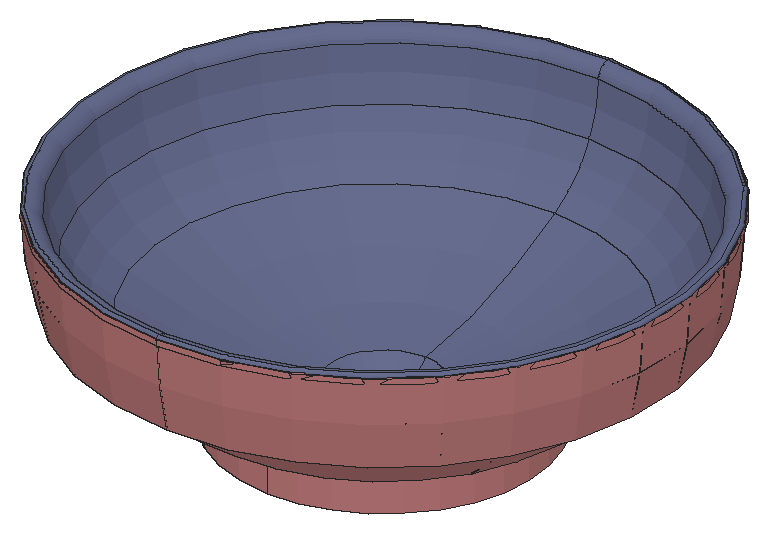
Revit family "WashBasin-40cm-BowlCounterTop-Vitra-WaterJewelsSeries-4334", category Plumbing Fixtures, host Face, Revit 2017
Family settings
  Host = Face
  Round Connector Dimension = Use Diameter
  Part Type = Normal
  OmniClass Number = 23.45.05.14.14
  OmniClass Title = Sinks/Lavatories
  Cut with Voids When Loaded = No
  Shared = Yes
  Room Calculation Point = No
Parameters (values of type "WashBasin(CounterTop)-Vitra_WaterJewelsSeries(Terrarosa-Blue) VC_4334B426-0016")
  Youtube = "https://www.youtube.com/user/VitrAglobal"
  Weight Net (kg) = "7"
  Waste Connection = yes
  Warranty Period (Year) = "10 Years"
  Vent Connection = no
  Uniformat II Description = "Plumbing Fixtures"
  Uniformat II Code = "D2010"
  Uniclass 2015 Name = "Wash basins Sinks and troughs"
  Uniclass 2015 Code = "Pr_40_20_96_81"
  Uniclass 2.0 Description = "Sanitary Dispensing And Disposal Units"
  Uniclass 2.0 Code = "SS-35-65-70-94"
  Uniclass 1.4 Description = "Washbasins"
  Uniclass 1.4 Code = "L7212"
  UNSPSC Description = ""
  UNSPSC Code = "301815"
  Third Material = Terrarosa
  Technical description = "https://www.vitraglobal.com/sanitaryware-complementary-products/washbasin/bowl/water-jewels-bowl-40cm-sku-https://cdn.vitra.com.tr/501-4334B426-0016KK.pdf/print"
  Tap hole Options (default) = ""
  Specification = ""
  Secondary Material = Blue
  Region South America = "All"
  Region Oceania = "All"
  Region North America = "All"
  Region Middle East = "All"
  Region Europe = "All"
  Region Asia = "All"
  Region Antarctica = "None"
  Region Africa = "All"
  Product url = ""
  Product manual = ""
  Product group = "Water Jewels"
  Product family = "Counter Top Washbasins"
  Product data url = "https://www.vitraglobal.com/sanitaryware-complementary-products/washbasin/bowl/water-jewels-bowl-40cm-sku-4334b003-1361"
  Product certification = "https://www.vitra.com.tr/kataloglar/"
  Product SKU = "4334B426-0016"
  Product Guid = "https://cdn.vitra.com.tr/4334B426-0016-KK.pdf"
  Primary Material = Terrarosa
  OmniClass Description = "Sinks/Lavatories"
  OmniClass Code = "23.45.05.14.14"
  Nominal Width (mm) = 400 mm
  Nominal Height (mm) = 140 mm
  Nominal Depth (mm) = 400 mm
  NBS Referans Description = "Wash Basin Systems"
  NBS Referans Code = "35-65-70-94"
  Mounting type = "Countertop"
  Model = "4334B426-0016"
  Masterformat 2014 Description = "Residential Lavatories and Sinks"
  Masterformat 2014 Code = "22 41 16"
  Manufacturer name = "VitrA"
  Manufacturer = "VitrA"
  Main Material = "Ceramic"
  Installation instructions = ""
  IFC Classification = "Sanitary Terminal"
  HW Connection = no
  EAN code = ""
  Design country = "Turkey"
  Description = "VitrA -WaterJewelsSeries- VitrA Clean- Bowl-40cm"
  Default Elevation = 850 mm
  Color = "Terrarosa Blue"
  CW Connection = no
  COBIe Type Category = ""
  Brand = "VitrA"
  BIMobject category = "Sanitary - Basins"
  Article No. (default) = "4334B426-0016"
  Accessories (default) = ""
Types (20, lengths in mm): name | Weight Net (kg) | Waste Connection | Third Material | Technical description | Secondary Material | Product url | Product data url | Product certification | Product SKU | Product Guid | Primary Material | Model | Manufacturer name | Description | Color | Article No. (default)
  WashBasin(CounterTop)-Vitra_WaterJewelsSeries(Black-White)_4334B097-1747 | "6.8" | yes | Black | "https://www.vitraglobal.com/pdf/4334B097-1747/" | White | "" | "https://www.vitraglobal.com/bathroom-sanitaryware/washbasins/bowls/water-jewels-bowl-sku-4334B097-1747/" | "https://www.vitra.com.tr/kataloglar/" | "4334B097-1747" | "https://cdn.vitra.com.tr/501-4334B003-1361-KK.pdf" | Black | "4334B097-1747" | "Vitra" | "VitrA WaterJewelsSeries Bowl 40cm" | "Black & White" | "4334B097-1747"
  WashBasin(CounterTop)-Vitra_WaterJewelsSeries(CopperPatterned)_4334B073-2100 | "6.8" | yes | Copper | "https://www.vitraglobal.com/sanitaryware-complementary-products/washbasin/bowl/water-jewels-bowl-40cm-sku-4334b073-2100/print" | Copper | "" | "https://www.vitraglobal.com/sanitaryware-complementary-products/washbasin/bowl/water-jewels-bowl-40cm-sku-4334b073-2100" | "https://www.vitra.com.tr/kataloglar/" | "4334B073-2100" | "https://cdn.vitra.com.tr/501-4334B003-1361-KK.pdf" | Copper | "4334B073-2100" | "Vitra" | "VitrA WaterJewelsSeries Bowl 40cm" | "Copper Patterned" | "4334B073-2100"
  WashBasin(CounterTop)-Vitra_WaterJewelsSeries(Copper)_4334B073-0016 | "6.8" | yes | Copper | "https://www.vitraglobal.com/sanitaryware-complementary-products/washbasin/bowl/water-jewels-bowl-40cm-sku-4334b073-0016/print" | Copper | "" | "https://www.vitraglobal.com/sanitaryware-complementary-products/washbasin/bowl/water-jewels-bowl-40cm-sku-4334b073-0016" | "https://www.vitra.com.tr/kataloglar/" | "4334B073-0016" | "https://cdn.vitra.com.tr/501-4334B003-1361-KK.pdf" | Copper | "4334B073-0016" | "Vitra" | "VitrA WaterJewelsSeries Bowl 40cm" | "Copper" | "4334B073-0016"
  WashBasin(CounterTop)-Vitra_WaterJewelsSeries(Gold-Patterned)_4334B072-2100 | "6.8" | no | Gold | "https://www.vitraglobal.com/sanitaryware-complementary-products/washbasin/bowl/water-jewels-bowl-40cm-sku-4334b072-2100/print" | Gold | "" | "https://www.vitraglobal.com/sanitaryware-complementary-products/washbasin/bowl/water-jewels-bowl-40cm-sku-4334b072-2100" | "https://www.vitra.com.tr/kataloglar/" | "4334B072-2100" | "https://cdn.vitra.com.tr/501-4334B003-1361-KK.pdf" | Gold | "4334B072-2100" | "Vitra" | "VitrA WaterJewelsSeries Bowl 40cm" | "Gold Patterned" | "4334B072-2100"
  WashBasin(CounterTop)-Vitra_WaterJewelsSeries(Gold)_4334B072-0016 | "6.8" | yes | Gold | "https://www.vitraglobal.com/sanitaryware-complementary-products/washbasin/bowl/water-jewels-bowl-40cm-sku-4334b072-0016/print" | Gold | "" | "https://www.vitraglobal.com/sanitaryware-complementary-products/washbasin/bowl/water-jewels-bowl-40cm-sku-4334b072-0016" | "https://www.vitra.com.tr/kataloglar/" | "4334B072-0016" | "https://cdn.vitra.com.tr/501-4334B003-1361-KK.pdf" | Gold | "4334B072-0016" | "Vitra" | "VitrA WaterJewelsSeries Bowl 40cm" | "Gold" | "4334B072-0016"
  WashBasin(CounterTop)-Vitra_WaterJewelsSeries(Platinum-Patterned)_4334B071-2100 | "6.8" | yes | Platinum | "https://www.vitraglobal.com/sanitaryware-complementary-products/washbasin/bowl/water-jewels-bowl-40cm-sku-4334b071-2100/print" | Platinum | "" | "https://www.vitraglobal.com/sanitaryware-complementary-products/washbasin/bowl/water-jewels-bowl-40cm-sku-4334b071-2100" | "https://www.vitra.com.tr/kataloglar/" | "4334B071-2100" | "https://cdn.vitra.com.tr/501-4334B003-1361-KK.pdf" | Platinum | "4334B071-2100" | "Vitra" | "VitrA WaterJewelsSeries Bowl 40cm" | "Platinum Patterned" | "4334B071-2100"
  WashBasin(CounterTop)-Vitra_WaterJewelsSeries(Platinum)_4334B071-0016 | "6.8" | yes | White | "https://www.vitraglobal.com/sanitaryware-complementary-products/washbasin/bowl/water-jewels-bowl-40cm-sku-4334b071-0016/print" | Platinum | "" | "https://www.vitraglobal.com/sanitaryware-complementary-products/washbasin/bowl/water-jewels-bowl-40cm-sku-4334b071-0016" | "https://www.vitraglobal.com/brochures/" | "4334B071-0016" | "https://cdn.vitra.com.tr/501-4334B003-1361-KK.pdf" | Platinum | "4334B071-0016" | "Vitra" | "VitrA WaterJewelsSeries Bowl 40cm" | "Platinum" | "4334B071-0016"
  WashBasin(CounterTop)-Vitra_WaterJewelsSeries(Black)_4334B070-0016 | "6.8" | yes | Black | "https://www.vitraglobal.com/sanitaryware-complementary-products/washbasin/bowl/water-jewels-bowl-40cm-sku-4334b070-0016/print" | Black | "" | "https://www.vitraglobal.com/sanitaryware-complementary-products/washbasin/bowl/water-jewels-bowl-40cm-sku-4334b070-0016" | "https://www.vitra.com.tr/kataloglar/" | "4334B070-0016" | "https://cdn.vitra.com.tr/501-4334B003-1361-KK.pdf" | Black | "4334B070-0016" | "Vitra" | "VitrA WaterJewelsSeries Bowl 40cm" | "Black" | "4334B070-0016"
  WashBasin(CounterTop)-Vitra_WaterJewelsSeries(Terracota-Turquise)_4334B049-0016 | "6.8" | yes | Terrarosa | "https://www.vitraglobal.com/sanitaryware-complementary-products/washbasin/bowl/water-jewels-bowl-40cm-sku-4334b049-0016/print" | Turquies | "" | "https://www.vitraglobal.com/sanitaryware-complementary-products/washbasin/bowl/water-jewels-bowl-40cm-sku-4334b049-0016" | "https://www.vitra.com.tr/kataloglar/" | "4334B049-0016" | "https://cdn.vitra.com.tr/501-4334B003-1361-KK.pdf" | Terrarosa | "4334B049-0016" | "Vitra" | "VitrA WaterJewelsSeries Bowl 40cm" | "Terracota-Turquies" | "4334B049-0016"
  WashBasin(CounterTop)-Vitra_WaterJewelsSeries(Terracota-Blue)_4334B043-0016 | "6.8" | yes | Terrarosa | "https://www.vitraglobal.com/sanitaryware-complementary-products/washbasin/bowl/water-jewels-bowl-40cm-sku-4334b043-0016/print" | Blue | "" | "https://www.vitraglobal.com/sanitaryware-complementary-products/washbasin/bowl/water-jewels-bowl-40cm-sku-4334b043-0016" | "https://www.vitra.com.tr/kataloglar/" | "4334B043-0016" | "https://cdn.vitra.com.tr/501-4334B003-1361-KK.pdf" | Terrarosa | "4334B043-0016" | "Vitra" | "VitrA WaterJewelsSeries Bowl 40cm" | "Terracota-Blue" | "4334B043-0016"
  WashBasin(CounterTop)-Vitra_WaterJewelsSeries(White)_4334B003-1361 | "6.8" | yes | White | "https://www.vitraglobal.com/sanitaryware-complementary-products/washbasin/bowl/water-jewels-bowl-40cm-sku-4334b003-1361/print" | White | "" | "https://www.vitraglobal.com/sanitaryware-complementary-products/washbasin/bowl/water-jewels-bowl-40cm-sku-4334b003-1361" | "https://www.vitra.com.tr/kataloglar/" | "4334B003-1361" | "https://cdn.vitra.com.tr/501-4334B003-1361-KK.pdf" | White | "4334B003-1361" | "Vitra" | "VitrA WaterJewelsSeries Bowl 40cm" | "White" | "4334B003-1361"
  WashBasin(CounterTop)-Vitra_WaterJewelsSeries(White)_4334B003H1361 | "6.8" | yes | White | "https://www.vitra-india.com/pdf/4334B003H1361/" | White | "https://www.vitra-india.com/bathroom-sanitaryware/washbasins/bowls/water-jewels-bowl-sku-4334B003H1361/" | "" | "https://www.vitra.com.tr/kataloglar/" | "4334B003H1361" | "https://cdn.vitra.com.tr/501-4334B003-1361-KK.pdf" | White | "4334B003H1361" | "Vitra" | "VitrA WaterJewelsSeries Bowl 40cm" | "White" | "4334B003H1361"
  WashBasin(CounterTop)-Vitra_WaterJewelsSeries(Black)_4334B070H0016 | "6.8" | yes | Black | "https://www.vitra-india.com/pdf/4334B070H0016/" | Black | "https://www.vitra-india.com/bathroom-sanitaryware/washbasins/bowls/water-jewels-bowl-sku-4334B070H0016/" | "" | "https://www.vitra.com.tr/kataloglar/" | "4334B070H0016" | "https://cdn.vitra.com.tr/501-4334B003-1361-KK.pdf" | Black | "4334B070H0016" | "Vitra" | "VitrA WaterJewelsSeries Bowl 40cm" | "Black" | "4334B070H0016"
  WashBasin(CounterTop)-Vitra_WaterJewelsSeries(Platinum)_4334B071H0016 | "6.8" | yes | White | "https://www.vitra-india.com/pdf/4334B071H0016/" | Platinum | "https://www.vitra-india.com/bathroom-sanitaryware/washbasins/bowls/water-jewels-bowl-sku-4334B071H0016/" | "" | "https://www.vitraglobal.com/brochures/" | "4334B071H0016" | "https://cdn.vitra.com.tr/501-4334B003-1361-KK.pdf" | Platinum | "4334B071H0016" | "Vitra" | "VitrA WaterJewelsSeries Bowl 40cm" | "Platinum" | "4334B071H0016"
  WashBasin(CounterTop)-Vitra_WaterJewelsSeries(Gold)_4334B072H0016 | "6.8" | yes | Gold | "https://www.vitra-india.com/pdf/4334B072H0016/" | Gold | "https://www.vitra-india.com/bathroom-sanitaryware/washbasins/bowls/water-jewels-bowl-sku-4334B072H0016/" | "" | "https://www.vitra.com.tr/kataloglar/" | "4334B072H0016" | "https://cdn.vitra.com.tr/501-4334B003-1361-KK.pdf" | Gold | "4334B072H0016" | "Vitra" | "VitrA WaterJewelsSeries Bowl 40cm" | "Gold" | "4334B072H0016"
  WashBasin(CounterTop)-Vitra_WaterJewelsSeries(Copper)_4334B073H0016 | "6.8" | yes | Copper | "https://www.vitra-india.com/pdf/4334B073H0016/" | Copper | "https://www.vitra-india.com/bathroom-sanitaryware/washbasins/bowls/water-jewels-bowl-sku-4334B073H0016/" | "" | "https://www.vitra.com.tr/kataloglar/" | "4334B073H0016" | "https://cdn.vitra.com.tr/501-4334B003-1361-KK.pdf" | Copper | "4334B073H0016" | "Vitra" | "VitrA WaterJewelsSeries Bowl 40cm" | "Copper" | "4334B073H0016"
  WashBasin(CounterTop)-Vitra_WaterJewelsSeries(White)_4334B071H2300 | "6.8" | yes | White | "https://www.vitra-india.com/pdf/4334B071H2300/" | White | "https://www.vitra-india.com/bathroom-sanitaryware/washbasins/bowls/water-jewels-bowl-sku-4334B071H2300/" | "" | "https://www.vitra.com.tr/kataloglar/" | "4334B071H2300" | "https://cdn.vitra.com.tr/501-4334B003-1361-KK.pdf" | Platinum | "4334B071H2300" | "Vitra" | "VitrA WaterJewelsSeries Bowl 40cm" | "White" | "4334B071H2300"
  WashBasin(CounterTop)-Vitra_WaterJewelsSeries(White)_4334B072H2300 | "6.8" | yes | White | "https://www.vitra-india.com/pdf/4334B072H2300/" | White | "https://www.vitra-india.com/bathroom-sanitaryware/washbasins/bowls/water-jewels-bowl-sku-4334B072H2300/" | "" | "https://www.vitra.com.tr/kataloglar/" | "4334B072H2300" | "https://cdn.vitra.com.tr/501-4334B003-1361-KK.pdf" | Gold | "4334B072H2300" | "Vitra" | "VitrA WaterJewelsSeries Bowl 40cm" | "White" | "4334B072H2300"
  WashBasin(CounterTop)-Vitra_WaterJewelsSeries(White)_4334B073H2300 | "6.8" | yes | White | "https://www.vitra-india.com/pdf/4334B073H2300/" | White | "https://www.vitra-india.com/bathroom-sanitaryware/washbasins/bowls/water-jewels-bowl-sku-4334B073H2300/" | "" | "https://www.vitra.com.tr/kataloglar/" | "4334B073H2300" | "https://cdn.vitra.com.tr/501-4334B003-1361-KK.pdf" | Copper | "4334B073H2300" | "Vitra" | "VitrA WaterJewelsSeries Bowl 40cm" | "White" | "4334B073H2300"
  WashBasin(CounterTop)-Vitra_WaterJewelsSeries(Terrarosa-Blue) VC_4334B426-0016 | "7" | yes | Terrarosa | "https://www.vitraglobal.com/sanitaryware-complementary-products/washbasin/bowl/water-jewels-bowl-40cm-sku-https://cdn.vitra.com.tr/501-4334B426-0016KK.pdf/print" | Blue | "" | "https://www.vitraglobal.com/sanitaryware-complementary-products/washbasin/bowl/water-jewels-bowl-40cm-sku-4334b003-1361" | "https://www.vitra.com.tr/kataloglar/" | "4334B426-0016" | "https://cdn.vitra.com.tr/4334B426-0016-KK.pdf" | Terrarosa | "4334B426-0016" | "VitrA" | "VitrA -WaterJewelsSeries- VitrA Clean- Bowl-40cm" | "Terrarosa Blue" | "4334B426-0016"
Reference planes
  plane 1 "Center (Front/Back)": y = 0
  plane 2: z = 0
  plane 3 "Center (Left/Right)": x = 0
  plane 4: y = 198.582
  plane 5: x = 200
  plane 6: x = -200
  plane 7: y = -201.418
  plane 8: z = 140
Forms (mm)
  Revolve 1, solid, material "Blue" <- "Secondary Material", detail levels fine
    sketch origin (0, 0, 0) x (0, 1, 0) y (0, 0, 1)
      loop
        line (23.134, 1.032) -> (102.552, 1.032) -> (102.552, 23.902)
        arc (102.552, 23.902) -> (145.077, 46.639) -> (179.871, 80.028) r 176.685
        line (179.871, 80.028) -> (191.23, 80.028)
        arc (191.23, 80.028) -> (197.657, 110.064) -> (200.183, 140.676) r 239.268
        arc (200.183, 140.676) -> (199.46, 142.34) -> (197.729, 142.885) r 2.187
        arc (197.729, 142.885) -> (191.41, 140.535) -> (187.999, 134.721) r 10.05
        arc (187.999, 134.721) -> (185.735, 117.283) -> (180.125, 100.618) r 90.066
        arc (180.125, 100.618) -> (167.688, 81.54) -> (150.015, 67.177) r 73.619
        arc (150.015, 67.177) -> (95.507, 40.382) -> (36.489, 26.032) r 278.669
        line (36.489, 26.032) -> (23.134, 15.352) -> (23.134, 1.032)
      axis (0, 1.032) -> (0, 142.885)
    angle from 0 to 360
  Revolve 2, solid, material "Terrarosa" <- "Third Material", detail levels fine
    sketch origin (0, 0, 0) x (0, 1, 0) y (0, 0, 1)
      loop
        line (23.212, 0.954) -> (102.63, 0.954) -> (102.63, 23.824)
        arc (102.63, 23.824) -> (145.155, 46.561) -> (179.949, 79.95) r 176.685
        line (179.949, 79.95) -> (191.308, 79.95)
        arc (191.308, 79.95) -> (197.735, 109.986) -> (200.261, 140.598) r 239.268
        line (200.261, 140.598) -> (195.888, 140.598)
        arc (195.888, 140.598) -> (163.323, 68.416) -> (93.589, 30.894) r 123.387
        arc (93.589, 30.894) -> (56.631, 20.083) -> (23.212, 0.954) r 164.046
      axis (0, 0.954) -> (0, 140.598)
    angle from 0 to 360
  Revolve 3, solid, detail levels medium
    sketch origin (0, 0, 0) x (0, 1, 0) y (0, 0, 1)
      loop
        line (0, 0) -> (0, 39.916)
        arc (0, 39.916) -> (-105.333, 68.039) -> (-185, 142.463) r 224.52
        line (-185, 142.463) -> (-201.418, 142.463)
        arc (-201.418, 142.463) -> (-199.753, 110.658) -> (-191.308, 79.95) r 147.698
        arc (-191.308, 79.95) -> (-157.78, 30.506) -> (-106.418, 0) r 137.189
        line (-106.418, 0) -> (0, 0)
      axis (0, 142.463) -> (0, 0)
    angle from 0 to 360
  Extrusion 4, solid, detail levels coarse
    sketch origin (0, 0, 0.034) x (1, 0, 0) y (0, 1, 0)
      loop
        circle (0, 0) r 201.418
    from 0 to 142.429
  Revolve 5, solid, material "Terrarosa" <- "Primary Material", detail levels medium+fine
    sketch origin (0, 0, 0) x (0, 1, 0) y (0, 0, 1)
      loop
        line (200.323, 137.134) -> (200.323, 140.741)
        arc (200.323, 140.741) -> (200.08, 141.327) -> (199.493, 141.57) r 0.829
        line (199.493, 141.57) -> (198.372, 141.57) -> (198.372, 137.134) -> (200.323, 137.134)
      axis (0, 141.57) -> (0, 137.134)
    angle from 0 to 360
Dimensions and locks
  "Nominal Width (mm)": plane 6 to plane 5
  "Nominal Depth (mm)": plane 7 to plane 4
  "Nominal Height (mm)": plane 8 to host face
  aligned and locked: plane 2 to host face
  aligned and locked: level to host face
Automatic sketch dimensions
  host sketch curve to host sketch curve = 2438.4 mm  (x2)
  Revolve 1 sketch curve to plane 1 "Center (Front/Back)" = 0 mm
  plane 8 to Revolve 1 sketch curve = 5.007 mm
  plane 1 "Center (Front/Back)" to Revolve 1 sketch curve = 39.046 mm
  Revolve 1 sketch curve to plane 1 "Center (Front/Back)" = 0.555 mm
  Revolve 1 sketch curve to plane 1 "Center (Front/Back)" = 23.134 mm
  Revolve 1 sketch curve to Revolve 1 sketch curve = 13.356 mm
  Revolve 1 sketch curve to plane 1 "Center (Front/Back)" = 41.285 mm
  Revolve 1 sketch curve to plane 8 = 2.456 mm
  Revolve 1 sketch curve to Revolve 1 sketch curve = 56.693 mm
  level to Revolve 1 sketch curve = 23.902 mm
  Revolve 1 sketch curve to Revolve 1 sketch curve = 66.063 mm
  Revolve 1 sketch curve to plane 8 = 9.199 mm
  Revolve 1 sketch curve to Revolve 1 sketch curve = 15.001 mm
  Revolve 1 sketch curve to plane 4 = 18.711 mm
  Revolve 1 sketch curve to plane 4 = 7.353 mm
  Revolve 1 sketch curve to plane 4 = 0.711 mm
  Revolve 1 sketch curve to plane 4 = 0.585 mm
  level to Revolve 1 sketch curve = 15.352 mm
  level to Revolve 1 sketch curve = 1.032 mm
  Revolve 1 sketch curve to Revolve 1 sketch curve = 10.68 mm
  level to Revolve 1 sketch curve = 80.028 mm
  Revolve 1 sketch curve to plane 8 = 7.164 mm
  plane 8 to Revolve 1 sketch curve = 0.715 mm
  Revolve 1 sketch curve to Revolve 1 sketch curve = 112.751 mm
  Revolve 1 sketch curve to Revolve 1 sketch curve = 29.856 mm
  Revolve 1 sketch curve to Revolve 1 sketch curve = 0 mm
  Revolve 1 sketch curve to plane 8 = 5.279 mm
  Revolve 1 sketch curve to plane 4 = 0.853 mm
  level to Revolve 1 sketch curve = 13.532 mm
  Revolve 1 sketch curve to Revolve 1 sketch curve = 45 mm
  Revolve 2 sketch curve to plane 1 "Center (Front/Back)" = 0 mm
  plane 8 to Revolve 2 sketch curve = 4.929 mm
  plane 1 "Center (Front/Back)" to Revolve 2 sketch curve = 38.968 mm
  level to Revolve 2 sketch curve = 0.954 mm
  Revolve 2 sketch curve to plane 1 "Center (Front/Back)" = 23.212 mm
  Revolve 2 sketch curve to plane 1 "Center (Front/Back)" = 41.363 mm
  plane 8 to Revolve 2 sketch curve = 12.565 mm
  Revolve 2 sketch curve to Revolve 2 sketch curve = 31.721 mm
  Revolve 2 sketch curve to Revolve 2 sketch curve = 79.418 mm
  Revolve 2 sketch curve to plane 4 = 77.731 mm
  Revolve 2 sketch curve to plane 4 = 18.633 mm
  Revolve 2 sketch curve to plane 4 = 7.274 mm
  plane 8 to Revolve 2 sketch curve = 0.598 mm
  Revolve 2 sketch curve to plane 4 = 2.694 mm
  plane 4 to Revolve 2 sketch curve = 1.679 mm
  Revolve 2 sketch curve to level = 130.87 mm
  Revolve 2 sketch curve to Revolve 2 sketch curve = 7.071 mm
  level to Revolve 2 sketch curve = 5.954 mm
  Revolve 2 sketch curve to Revolve 2 sketch curve = 47.197 mm
  Revolve 3 sketch curve to plane 7 = 0 mm
  Revolve 3 sketch curve to level = 0 mm
  Revolve 3 sketch curve to plane 1 "Center (Front/Back)" = 0 mm  (x2)
  plane 8 to Revolve 3 sketch curve = 2.463 mm
  plane 7 to Revolve 3 sketch curve = 16.418 mm
  plane 7 to Revolve 3 sketch curve = 95 mm
  Revolve 3 sketch curve to plane 8 = 9.624 mm
  plane 1 "Center (Front/Back)" to Revolve 3 sketch curve = 63.722 mm
  Revolve 3 sketch curve to plane 8 = 5.761 mm
  Revolve 3 sketch curve to Revolve 3 sketch curve = 9.774 mm
  Revolve 3 sketch curve to plane 1 "Center (Front/Back)" = 3.517 mm
  Revolve 3 sketch curve to Revolve 3 sketch curve = 39.916 mm
  Revolve 3 sketch curve to plane 8 = 32.537 mm
  Revolve 3 sketch curve to plane 8 = 7.537 mm
  plane 1 "Center (Front/Back)" to Extrusion 4 sketch curve = 0 mm
  Extrusion 4 sketch curve to plane 3 "Center (Left/Right)" = 0 mm
  Revolve 5 sketch curve to plane 1 "Center (Front/Back)" = 0 mm
  Revolve 5 sketch curve to plane 4 = 0.21 mm
  plane 4 to Revolve 5 sketch curve = 0.911 mm
  Revolve 5 sketch curve to Revolve 5 sketch curve = 0.829 mm
  Revolve 5 sketch curve to plane 8 = 2.866 mm
  plane 8 to Revolve 5 sketch curve = 0.741 mm
  plane 8 to Revolve 5 sketch curve = 21.57 mm
  Revolve 5 sketch curve to Revolve 5 sketch curve = 30 mm
  radius of Extrusion 4 sketch curve = 201.418 mm
Connectors
  piping at (0, 0, 1.032), diameter 50
    settings: on Revolve 1, index 2, connector inside diameter 609.6 mm, connector length 0 mm, flow factor 0, pipe flow 0.0 L/s, pressure drop 0.0 Pa, fitting loss kfactor 0, connector angle 0.00°, fixture units 0, engagement length 0 mm, angle of deflection 0.00°, flow configuration 0, flow direction 2, fitting loss method 0, system type 16, joint type 0, gender type 0, connector reference index -1, connector utility 0, adjustable connector no, is connector primary yes, connector description ""
